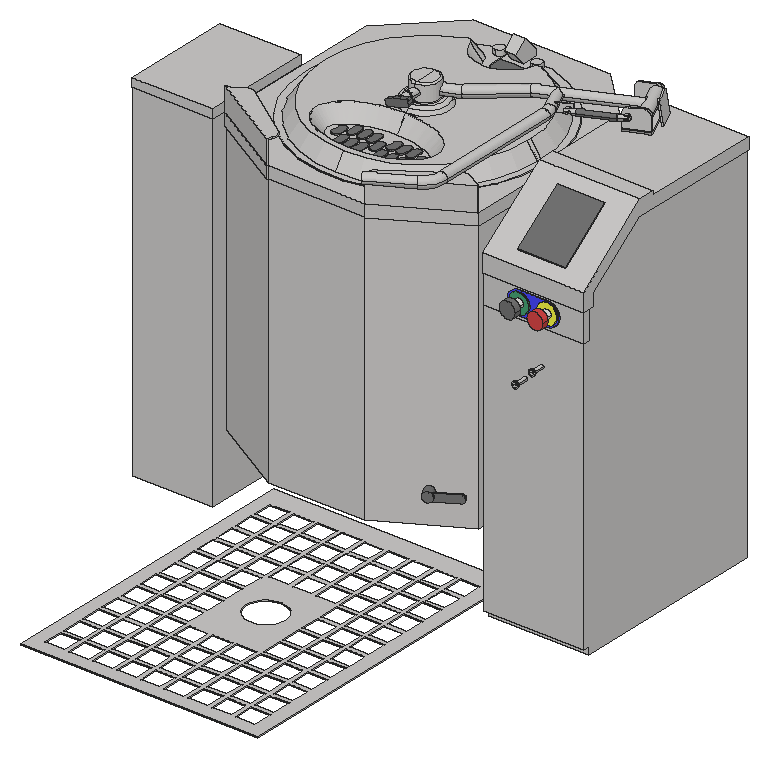
Revit family "QF_DIETATEC_CELER_80_180516035346", category Specialty Equipment, Revit 2015
Parameters
  Width [instance] = 1154 mm
  Weight in Pounds [instance] = 352.736
  Volts [instance] = 400 V
  URL Cutsheet [instance] = ""
  URL = "www.dietatec.com"
  Status [instance] = ""
  Specification by User [instance] = ""
  Specification by Manufacturer [instance] = ""
  Serial Number [instance] = "CELER_80"
  Seismic Rating [instance] = ""
  SMACNA No [instance] = ""
  Revision Code [instance] = ""
  Phase [instance] = 0
  Number of Poles [instance] = 3
  NAFEM Spec ID Number [instance] = ""
  Model = "57632"
  Min Ckt Ampacity [instance] = 0 A
  Max Overcurrent Protection [instance] = 0 A
  Masterspec [instance] = ""
  Manufacturer = "DIETATEC"
  ListPrice [instance] = 0
  Item Number [instance] = ""
  Installed By [instance] = ""
  Identify Quantity as Lot [instance] = yes
  Height [instance] = 1000 mm
  HP [instance] = ""
  Furnished By [instance] = ""
  Foodservice Equipment Identifier [instance] = yes
  FL Amps [instance] = 32 A
  Elec Conn RI Height [instance] = 0 mm
  Elec Conn Connection Height [instance] = 120 mm
  Description = "DIETA CELER 80 KETTLE, ELECTRIC MODEL"
  Depth [instance] = 770 mm
  Cycle [instance] = 50 Hz
  Conn Plug [instance] = ""
  Conn Conduit [instance] = yes
  CSI MasterFormat [instance] = ""
  Assembly Code = "E1090320"
  Apparent Power [instance] = 14500 VA
Reference planes
  plane 1 "Center (Front/Back)": y = 0
  plane 2: z = 0
  plane 3 "Center (Left/Right)": x = 0
Forms (mm)
  Extrusion 1, solid, not visible
    sketch origin (803.5, -97.5, 120) x (1, 0, 0) y (0, 1, 0)
      loop
        line (0, 0) -> (2, 0) -> (2, 2) -> (0, 2) -> (0, 0)
    from 0 to 2
Dimensions and locks
  aligned and locked: level to plane 2
Nested families
  nested 1: "QF_Dietatec_CELER_80_FL" at (0, 0, 0), type "57632_400_3"
    with Width 1154 mm, Status "", Specification by User "", Show Logo yes, Show Clearance yes, Revision Code "", Plumbing Remarks "", Plumbing Connection Type "", Number of Poles 3, ListPrice 0, Item Number "", Installed By "", Identify Quantity as Lot no, Height 1000 mm, Furnished By "", Foodservice Equipment Identifier yes, Electrical Remarks "", Electric Connection Type "", Elec Conn RI Height 0 mm, Elec Conn Connection Height 120 mm, Depth 770 mm, Conn Conduit no, Cold Water RI Height 120 mm, Cold Water Flow 0.0 L/s, Cold Water Consumption "", Cold Water Connection Height 120 mm
  nested 2: "QF_Dietatec_KETTLE_LEFT_LEG" at (0, 0, 0), type "KETTLE_LEFT_LEG"
    with Width 275 mm, Status "", Specification by User "", Show Logo yes, Show Clearance yes, Revision Code "", ListPrice 0, Item Number "", Installed By "", Identify Quantity as Lot no, Height 900 mm, Furnished By "", Foodservice Equipment Identifier yes, Depth 200 mm
Connectors
  electrical at (804.5, -95.5, 121), driven by "Volts"
    settings: on Extrusion 1, index 1, voltage 400 V, apparent load 14500 VA, apparent load phase1 0 VA, apparent load phase2 0 VA, apparent load phase3 0 VA, power factor 1, load classification "Other", number of poles 1, system type 30, power factor state 1, is connector primary yes, connector utility no, sub classification motor no, connector description "Electrical connection"
Definition of nested family "QF_Dietatec_CELER_80_FL"
  Parameters (values of type "57632_400_3")
    Width [instance] = 0 mm
    Weight in Pounds = 352.7392
    Watts = 750 W
    Volts = 230 V
    URL Cutsheet = "www.dietatec.com"
    URL = "www.dietatec.com"
    Status [instance] = ""
    Specification by User [instance] = ""
    Specification by Manufacturer = ""
    Show Logo [instance] = yes
    Show Clearance [instance] = yes
    Serial Number = ""
    Seismic Rating = ""
    SMACNA No = ""
    Revision Code [instance] = ""
    Plumbing Remarks [instance] = ""
    Plumbing Connection Type [instance] = ""
    Phase = 1
    Number of Poles [instance] = 1
    NAFEM Spec ID Number = ""
    Model = "57632+43730"
    Min Ckt Ampacity = 0 A
    Max Overcurrent Protection = 0 A
    Masterspec = ""
    Manufacturer = "DIETATEC"
    ListPrice [instance] = 0
    Item Number [instance] = ""
    Installed By [instance] = ""
    Identify Quantity as Lot [instance] = no
    Height [instance] = 0 mm
    HP = "1.005765000000"
    Furnished By [instance] = ""
    Foodservice Equipment Identifier [instance] = yes
    FL Amps = 16 A
    Electrical Remarks [instance] = ""
    Electric Connection Type [instance] = ""
    Elec Conn RI Height [instance] = 0 mm
    Elec Conn Connection Height [instance] = 120 mm
    Description = "DIETA CELER 80 KETTLE, STEAM MODEL"
    Depth [instance] = 0 mm
    Cycle = 50 Hz
    Conn Plug = ""
    Conn Conduit [instance] = no
    Cold Water Temperature Recommended = 0 °C
    Cold Water Size = 12.7 mm
    Cold Water RI Height [instance] = 120 mm
    Cold Water Minimum Pressure = 20000.0 Pa
    Cold Water Maximum Pressure = 50000.0 Pa
    Cold Water Flow [instance] = 0.0 L/s
    Cold Water Consumption [instance] = ""
    Cold Water Connection Height [instance] = 120 mm
    CSI MasterFormat = ""
    Assembly Code = "E1090320"
    Apparent Power = 750 VA
  Reference planes
    plane 1 "Back": y = 0
    plane 2: z = 0
    plane 3 "Left": x = 0
    plane 4 "Right": x = 950.5
    plane 5 "Front": y = -769.992
    plane 6 "Top": z = 1000
  Forms (mm)
    Extrusion 1, solid
      sketch origin (1853.203, 903.185, 150) x (1, 0, 0) y (0, 1, 0)
        loop
          line (-1804.703, -1372.685) -> (-1804.703, -2172.685) -> (-1204.703, -2172.685) -> (-1204.703, -1372.685) -> (-1804.703, -1372.685)
        loop
          line (-1769.703, -1427.685) -> (-1769.703, -1477.685) -> (-1719.703, -1477.685) -> (-1719.703, -1427.685) -> (-1769.703, -1427.685)
        loop
          line (-1709.703, -1427.685) -> (-1709.703, -1477.685) -> (-1659.703, -1477.685) -> (-1659.703, -1427.685) -> (-1709.703, -1427.685)
        loop
          line (-1649.703, -1427.685) -> (-1649.703, -1477.685) -> (-1599.703, -1477.685) -> (-1599.703, -1427.685) -> (-1649.703, -1427.685)
        loop
          line (-1589.703, -1427.685) -> (-1589.703, -1477.685) -> (-1539.703, -1477.685) -> (-1539.703, -1427.685) -> (-1589.703, -1427.685)
        loop
          line (-1529.703, -1427.685) -> (-1529.703, -1477.685) -> (-1479.703, -1477.685) -> (-1479.703, -1427.685) -> (-1529.703, -1427.685)
        loop
          line (-1469.703, -1427.685) -> (-1469.703, -1477.685) -> (-1419.703, -1477.685) -> (-1419.703, -1427.685) -> (-1469.703, -1427.685)
        loop
          line (-1409.703, -1427.685) -> (-1409.703, -1477.685) -> (-1359.703, -1477.685) -> (-1359.703, -1427.685) -> (-1409.703, -1427.685)
        loop
          line (-1349.703, -1427.685) -> (-1349.703, -1477.685) -> (-1299.703, -1477.685) -> (-1299.703, -1427.685) -> (-1349.703, -1427.685)
        loop
          line (-1289.703, -1427.685) -> (-1289.703, -1477.685) -> (-1239.703, -1477.685) -> (-1239.703, -1427.685) -> (-1289.703, -1427.685)
        loop
          line (-1769.703, -1487.685) -> (-1769.703, -1537.685) -> (-1719.703, -1537.685) -> (-1719.703, -1487.685) -> (-1769.703, -1487.685)
        loop
          line (-1709.703, -1487.685) -> (-1709.703, -1537.685) -> (-1659.703, -1537.685) -> (-1659.703, -1487.685) -> (-1709.703, -1487.685)
        loop
          line (-1649.703, -1487.685) -> (-1649.703, -1537.685) -> (-1599.703, -1537.685) -> (-1599.703, -1487.685) -> (-1649.703, -1487.685)
        loop
          line (-1589.703, -1487.685) -> (-1589.703, -1537.685) -> (-1539.703, -1537.685) -> (-1539.703, -1487.685) -> (-1589.703, -1487.685)
        loop
          line (-1529.703, -1487.685) -> (-1529.703, -1537.685) -> (-1479.703, -1537.685) -> (-1479.703, -1487.685) -> (-1529.703, -1487.685)
        loop
          line (-1469.703, -1487.685) -> (-1469.703, -1537.685) -> (-1419.703, -1537.685) -> (-1419.703, -1487.685) -> (-1469.703, -1487.685)
        loop
          line (-1409.703, -1487.685) -> (-1409.703, -1537.685) -> (-1359.703, -1537.685) -> (-1359.703, -1487.685) -> (-1409.703, -1487.685)
        loop
          line (-1349.703, -1487.685) -> (-1349.703, -1537.685) -> (-1299.703, -1537.685) -> (-1299.703, -1487.685) -> (-1349.703, -1487.685)
        loop
          line (-1289.703, -1487.685) -> (-1289.703, -1537.685) -> (-1239.703, -1537.685) -> (-1239.703, -1487.685) -> (-1289.703, -1487.685)
        loop
          line (-1769.703, -1547.685) -> (-1769.703, -1597.685) -> (-1719.703, -1597.685) -> (-1719.703, -1547.685) -> (-1769.703, -1547.685)
        loop
          line (-1709.703, -1547.685) -> (-1709.703, -1597.685) -> (-1659.703, -1597.685) -> (-1659.703, -1547.685) -> (-1709.703, -1547.685)
        loop
          line (-1649.703, -1547.685) -> (-1649.703, -1597.685) -> (-1599.703, -1597.685) -> (-1599.703, -1547.685) -> (-1649.703, -1547.685)
        loop
          line (-1589.703, -1547.685) -> (-1589.703, -1597.685) -> (-1539.703, -1597.685) -> (-1539.703, -1547.685) -> (-1589.703, -1547.685)
        loop
          line (-1529.703, -1547.685) -> (-1529.703, -1597.685) -> (-1479.703, -1597.685) -> (-1479.703, -1547.685) -> (-1529.703, -1547.685)
        loop
          line (-1469.703, -1547.685) -> (-1469.703, -1597.685) -> (-1419.703, -1597.685) -> (-1419.703, -1547.685) -> (-1469.703, -1547.685)
        loop
          line (-1409.703, -1547.685) -> (-1409.703, -1597.685) -> (-1359.703, -1597.685) -> (-1359.703, -1547.685) -> (-1409.703, -1547.685)
        loop
          line (-1349.703, -1547.685) -> (-1349.703, -1597.685) -> (-1299.703, -1597.685) -> (-1299.703, -1547.685) -> (-1349.703, -1547.685)
        loop
          line (-1289.703, -1547.685) -> (-1289.703, -1597.685) -> (-1239.703, -1597.685) -> (-1239.703, -1547.685) -> (-1289.703, -1547.685)
        loop
          line (-1769.703, -1607.685) -> (-1769.703, -1657.685) -> (-1719.703, -1657.685) -> (-1719.703, -1607.685) -> (-1769.703, -1607.685)
        loop
          line (-1709.703, -1607.685) -> (-1709.703, -1657.685) -> (-1659.703, -1657.685) -> (-1659.703, -1607.685) -> (-1709.703, -1607.685)
        loop
          line (-1649.703, -1607.685) -> (-1649.703, -1657.685) -> (-1599.703, -1657.685) -> (-1599.703, -1607.685) -> (-1649.703, -1607.685)
        loop
          line (-1589.703, -1607.685) -> (-1589.703, -1657.685) -> (-1539.703, -1657.685) -> (-1539.703, -1607.685) -> (-1589.703, -1607.685)
        loop
          line (-1529.703, -1607.685) -> (-1529.703, -1657.685) -> (-1479.703, -1657.685) -> (-1479.703, -1607.685) -> (-1529.703, -1607.685)
        loop
          line (-1469.703, -1607.685) -> (-1469.703, -1657.685) -> (-1419.703, -1657.685) -> (-1419.703, -1607.685) -> (-1469.703, -1607.685)
        loop
          line (-1409.703, -1607.685) -> (-1409.703, -1657.685) -> (-1359.703, -1657.685) -> (-1359.703, -1607.685) -> (-1409.703, -1607.685)
        loop
          line (-1349.703, -1607.685) -> (-1349.703, -1657.685) -> (-1299.703, -1657.685) -> (-1299.703, -1607.685) -> (-1349.703, -1607.685)
        loop
          line (-1289.703, -1607.685) -> (-1289.703, -1657.685) -> (-1239.703, -1657.685) -> (-1239.703, -1607.685) -> (-1289.703, -1607.685)
        loop
          line (-1769.703, -1667.685) -> (-1769.703, -1717.685) -> (-1719.703, -1717.685) -> (-1719.703, -1667.685) -> (-1769.703, -1667.685)
        loop
          line (-1709.703, -1667.685) -> (-1709.703, -1717.685) -> (-1659.703, -1717.685) -> (-1659.703, -1667.685) -> (-1709.703, -1667.685)
        loop
          line (-1649.703, -1667.685) -> (-1649.703, -1717.685) -> (-1599.703, -1717.685) -> (-1599.703, -1667.685) -> (-1649.703, -1667.685)
        loop
          line (-1409.703, -1667.685) -> (-1409.703, -1717.685) -> (-1359.703, -1717.685) -> (-1359.703, -1667.685) -> (-1409.703, -1667.685)
        loop
          line (-1349.703, -1667.685) -> (-1349.703, -1717.685) -> (-1299.703, -1717.685) -> (-1299.703, -1667.685) -> (-1349.703, -1667.685)
        loop
          line (-1289.703, -1667.685) -> (-1289.703, -1717.685) -> (-1239.703, -1717.685) -> (-1239.703, -1667.685) -> (-1289.703, -1667.685)
        loop
          line (-1769.703, -1727.685) -> (-1769.703, -1777.685) -> (-1719.703, -1777.685) -> (-1719.703, -1727.685) -> (-1769.703, -1727.685)
        loop
          line (-1709.703, -1727.685) -> (-1709.703, -1777.685) -> (-1659.703, -1777.685) -> (-1659.703, -1727.685) -> (-1709.703, -1727.685)
        loop
          line (-1649.703, -1727.685) -> (-1649.703, -1777.685) -> (-1599.703, -1777.685) -> (-1599.703, -1727.685) -> (-1649.703, -1727.685)
        loop
          line (-1409.703, -1727.685) -> (-1409.703, -1777.685) -> (-1359.703, -1777.685) -> (-1359.703, -1727.685) -> (-1409.703, -1727.685)
        loop
          line (-1349.703, -1727.685) -> (-1349.703, -1777.685) -> (-1299.703, -1777.685) -> (-1299.703, -1727.685) -> (-1349.703, -1727.685)
        loop
          line (-1289.703, -1727.685) -> (-1289.703, -1777.685) -> (-1239.703, -1777.685) -> (-1239.703, -1727.685) -> (-1289.703, -1727.685)
        loop
          line (-1769.703, -1787.685) -> (-1769.703, -1837.685) -> (-1719.703, -1837.685) -> (-1719.703, -1787.685) -> (-1769.703, -1787.685)
        loop
          line (-1709.703, -1787.685) -> (-1709.703, -1837.685) -> (-1659.703, -1837.685) -> (-1659.703, -1787.685) -> (-1709.703, -1787.685)
        loop
          line (-1649.703, -1787.685) -> (-1649.703, -1837.685) -> (-1599.703, -1837.685) -> (-1599.703, -1787.685) -> (-1649.703, -1787.685)
        loop
          line (-1409.703, -1787.685) -> (-1409.703, -1837.685) -> (-1359.703, -1837.685) -> (-1359.703, -1787.685) -> (-1409.703, -1787.685)
        loop
          line (-1349.703, -1787.685) -> (-1349.703, -1837.685) -> (-1299.703, -1837.685) -> (-1299.703, -1787.685) -> (-1349.703, -1787.685)
        loop
          line (-1289.703, -1787.685) -> (-1289.703, -1837.685) -> (-1239.703, -1837.685) -> (-1239.703, -1787.685) -> (-1289.703, -1787.685)
        loop
          line (-1769.703, -1847.685) -> (-1769.703, -1897.685) -> (-1719.703, -1897.685) -> (-1719.703, -1847.685) -> (-1769.703, -1847.685)
        loop
          line (-1709.703, -1847.685) -> (-1709.703, -1897.685) -> (-1659.703, -1897.685) -> (-1659.703, -1847.685) -> (-1709.703, -1847.685)
        loop
          line (-1649.703, -1847.685) -> (-1649.703, -1897.685) -> (-1599.703, -1897.685) -> (-1599.703, -1847.685) -> (-1649.703, -1847.685)
        loop
          line (-1409.703, -1847.685) -> (-1409.703, -1897.685) -> (-1359.703, -1897.685) -> (-1359.703, -1847.685) -> (-1409.703, -1847.685)
        loop
          line (-1349.703, -1847.685) -> (-1349.703, -1897.685) -> (-1299.703, -1897.685) -> (-1299.703, -1847.685) -> (-1349.703, -1847.685)
        loop
          line (-1289.703, -1847.685) -> (-1289.703, -1897.685) -> (-1239.703, -1897.685) -> (-1239.703, -1847.685) -> (-1289.703, -1847.685)
        loop
          line (-1769.703, -1907.685) -> (-1769.703, -1957.685) -> (-1719.703, -1957.685) -> (-1719.703, -1907.685) -> (-1769.703, -1907.685)
        loop
          line (-1709.703, -1907.685) -> (-1709.703, -1957.685) -> (-1659.703, -1957.685) -> (-1659.703, -1907.685) -> (-1709.703, -1907.685)
        loop
          line (-1649.703, -1907.685) -> (-1649.703, -1957.685) -> (-1599.703, -1957.685) -> (-1599.703, -1907.685) -> (-1649.703, -1907.685)
        loop
          line (-1589.703, -1907.685) -> (-1589.703, -1957.685) -> (-1539.703, -1957.685) -> (-1539.703, -1907.685) -> (-1589.703, -1907.685)
        loop
          line (-1529.703, -1907.685) -> (-1529.703, -1957.685) -> (-1479.703, -1957.685) -> (-1479.703, -1907.685) -> (-1529.703, -1907.685)
        loop
          line (-1469.703, -1907.685) -> (-1469.703, -1957.685) -> (-1419.703, -1957.685) -> (-1419.703, -1907.685) -> (-1469.703, -1907.685)
        loop
          line (-1409.703, -1907.685) -> (-1409.703, -1957.685) -> (-1359.703, -1957.685) -> (-1359.703, -1907.685) -> (-1409.703, -1907.685)
        loop
          line (-1349.703, -1907.685) -> (-1349.703, -1957.685) -> (-1299.703, -1957.685) -> (-1299.703, -1907.685) -> (-1349.703, -1907.685)
        loop
          line (-1289.703, -1907.685) -> (-1289.703, -1957.685) -> (-1239.703, -1957.685) -> (-1239.703, -1907.685) -> (-1289.703, -1907.685)
        loop
          line (-1769.703, -1967.685) -> (-1769.703, -2017.685) -> (-1719.703, -2017.685) -> (-1719.703, -1967.685) -> (-1769.703, -1967.685)
        loop
          line (-1709.703, -1967.685) -> (-1709.703, -2017.685) -> (-1659.703, -2017.685) -> (-1659.703, -1967.685) -> (-1709.703, -1967.685)
        loop
          line (-1649.703, -1967.685) -> (-1649.703, -2017.685) -> (-1599.703, -2017.685) -> (-1599.703, -1967.685) -> (-1649.703, -1967.685)
        loop
          line (-1589.703, -1967.685) -> (-1589.703, -2017.685) -> (-1539.703, -2017.685) -> (-1539.703, -1967.685) -> (-1589.703, -1967.685)
        loop
          line (-1529.703, -1967.685) -> (-1529.703, -2017.685) -> (-1479.703, -2017.685) -> (-1479.703, -1967.685) -> (-1529.703, -1967.685)
        loop
          line (-1469.703, -1967.685) -> (-1469.703, -2017.685) -> (-1419.703, -2017.685) -> (-1419.703, -1967.685) -> (-1469.703, -1967.685)
        loop
          line (-1409.703, -1967.685) -> (-1409.703, -2017.685) -> (-1359.703, -2017.685) -> (-1359.703, -1967.685) -> (-1409.703, -1967.685)
        loop
          line (-1349.703, -1967.685) -> (-1349.703, -2017.685) -> (-1299.703, -2017.685) -> (-1299.703, -1967.685) -> (-1349.703, -1967.685)
        loop
          line (-1289.703, -1967.685) -> (-1289.703, -2017.685) -> (-1239.703, -2017.685) -> (-1239.703, -1967.685) -> (-1289.703, -1967.685)
        loop
          line (-1769.703, -2027.685) -> (-1769.703, -2077.685) -> (-1719.703, -2077.685) -> (-1719.703, -2027.685) -> (-1769.703, -2027.685)
        loop
          line (-1709.703, -2027.685) -> (-1709.703, -2077.685) -> (-1659.703, -2077.685) -> (-1659.703, -2027.685) -> (-1709.703, -2027.685)
        loop
          line (-1649.703, -2027.685) -> (-1649.703, -2077.685) -> (-1599.703, -2077.685) -> (-1599.703, -2027.685) -> (-1649.703, -2027.685)
        loop
          line (-1589.703, -2027.685) -> (-1589.703, -2077.685) -> (-1539.703, -2077.685) -> (-1539.703, -2027.685) -> (-1589.703, -2027.685)
        loop
          line (-1529.703, -2027.685) -> (-1529.703, -2077.685) -> (-1479.703, -2077.685) -> (-1479.703, -2027.685) -> (-1529.703, -2027.685)
        loop
          line (-1469.703, -2027.685) -> (-1469.703, -2077.685) -> (-1419.703, -2077.685) -> (-1419.703, -2027.685) -> (-1469.703, -2027.685)
        loop
          line (-1409.703, -2027.685) -> (-1409.703, -2077.685) -> (-1359.703, -2077.685) -> (-1359.703, -2027.685) -> (-1409.703, -2027.685)
        loop
          line (-1349.703, -2027.685) -> (-1349.703, -2077.685) -> (-1299.703, -2077.685) -> (-1299.703, -2027.685) -> (-1349.703, -2027.685)
        loop
          line (-1289.703, -2027.685) -> (-1289.703, -2077.685) -> (-1239.703, -2077.685) -> (-1239.703, -2027.685) -> (-1289.703, -2027.685)
        loop
          line (-1769.703, -2087.685) -> (-1769.703, -2137.685) -> (-1719.703, -2137.685) -> (-1719.703, -2087.685) -> (-1769.703, -2087.685)
        loop
          line (-1709.703, -2087.685) -> (-1709.703, -2137.685) -> (-1659.703, -2137.685) -> (-1659.703, -2087.685) -> (-1709.703, -2087.685)
        loop
          line (-1649.703, -2087.685) -> (-1649.703, -2137.685) -> (-1599.703, -2137.685) -> (-1599.703, -2087.685) -> (-1649.703, -2087.685)
        loop
          line (-1589.703, -2087.685) -> (-1589.703, -2137.685) -> (-1539.703, -2137.685) -> (-1539.703, -2087.685) -> (-1589.703, -2087.685)
        loop
          line (-1529.703, -2087.685) -> (-1529.703, -2137.685) -> (-1479.703, -2137.685) -> (-1479.703, -2087.685) -> (-1529.703, -2087.685)
        loop
          line (-1469.703, -2087.685) -> (-1469.703, -2137.685) -> (-1419.703, -2137.685) -> (-1419.703, -2087.685) -> (-1469.703, -2087.685)
        loop
          line (-1409.703, -2087.685) -> (-1409.703, -2137.685) -> (-1359.703, -2137.685) -> (-1359.703, -2087.685) -> (-1409.703, -2087.685)
        loop
          line (-1349.703, -2087.685) -> (-1349.703, -2137.685) -> (-1299.703, -2137.685) -> (-1299.703, -2087.685) -> (-1349.703, -2087.685)
        loop
          line (-1289.703, -2087.685) -> (-1289.703, -2137.685) -> (-1239.703, -2137.685) -> (-1239.703, -2087.685) -> (-1289.703, -2087.685)
        loop
          circle (-1504.703, -1772.685) r 50
      from -150 to -148
    Extrusion 2, solid
      sketch origin (-203, -1000, 0) x (0, 1, 0) y (0, 0, 1)
        loop
          line (899, 0) -> (899, 921.5) -> (555.633, 921.5) -> (410.5, 812.65) -> (410.5, 782.65) -> (397.5, 782.65) -> (397.5, 710.15) -> (382, 710.15) -> (382, 19) -> (397.5, 19) -> (397.5, 0) -> (899, 0)
      from 901 to 1152
    Extrusion 3, solid
      sketch origin (-203, 0, 0) x (0, 1, 0) y (0, 0, 1)
        loop
          line (-602.5, 782.65) -> (-618, 782.65) -> (-618, 710.15) -> (-602.5, 710.15) -> (-602.5, 782.65)
      from 901 to 1152
    Extrusion 4, solid
      sketch origin (48.5, -732.029, 6.15) x (1, 0, 0) y (0, 0, 1)
        loop
          circle (740, 741) r 10
      from -112.029 to -90
    Extrusion 5, solid
      sketch origin (48.5, -792.029, 6.15) x (1, 0, 0) y (0, 0, 1)
        loop
          circle (740, 741) r 20
      from -150 to -135
    Extrusion 6, solid
      sketch origin (48.5, -768, 6.15) x (1, 0, 0) y (0, 0, 1)
        loop
          circle (740, 741) r 25
      from -150 to -148
    Extrusion 7, solid
      sketch origin (118.5, -732.029, 6.15) x (1, 0, 0) y (0, 0, 1)
        loop
          circle (740, 741) r 10
      from -112.029 to -90
    Extrusion 8, solid
      sketch origin (118.5, -792.029, 6.15) x (1, 0, 0) y (0, 0, 1)
        loop
          circle (740, 741) r 20
      from -150 to -135
    Extrusion 9, solid
      sketch origin (118.5, -768, 6.15) x (1, 0, 0) y (0, 0, 1)
        loop
          circle (740, 741) r 25
      from -150 to -148
    Extrusion 10, solid
      sketch origin (130.5, -767, -53.35) x (1, 0, 0) y (0, 0, 1)
        loop
          arc (658, 830.5) -> (628, 800.5) -> (658, 770.5) r 30
          line (658, 770.5) -> (728, 770.5)
          arc (728, 770.5) -> (758, 800.5) -> (728, 830.5) r 30
          line (728, 830.5) -> (658, 830.5)
      from -150 to -148
    Extrusion 11, solid
      sketch origin (-203, 0, 0) x (0, 1, 0) y (0, 0, 1)
        loop
          line (-468.4, 941.6) -> (-593.2, 848) -> (-592, 846.4) -> (-467.2, 940) -> (-468.4, 941.6)
      from 966.5 to 1086.5
    Revolve 12, solid
      sketch origin (-203, 0, 580) x (1, 0, 0) y (0, 1, 0)
        loop
          line (1009.5, -618.013) -> (1005.5, -618.013) -> (1005.5, -651) -> (1012.485, -651)
          arc (1012.485, -651) -> (1012.849, -650.849) -> (1013, -650.485) r 0.515
          line (1013, -650.485) -> (1013, -648.5) -> (1009.5, -648.5) -> (1009.5, -618.013)
        axis (1005.5, -651) -> (1005.5, -618.013)
      angle from 0 to 360
    Revolve 13, solid
      sketch origin (-161, 0, 622) x (1, 0, 0) y (0, 1, 0)
        loop
          line (1009.5, -618.003) -> (1005.5, -618.003) -> (1005.5, -651) -> (1012.485, -651)
          arc (1012.485, -651) -> (1012.849, -650.849) -> (1013, -650.485) r 0.515
          line (1013, -650.485) -> (1013, -648.5) -> (1009.5, -648.5) -> (1009.5, -618.003)
        axis (1005.5, -651) -> (1005.5, -618.003)
      angle from 0 to 360
    Revolve 14, solid
      sketch origin (-203, -476, 0) x (1, 0, 0) y (0, 0, 1)
        loop
          line (204.5, 825) -> (201.5, 825) -> (201.5, 775) -> (233, 775) -> (233, 837.5) -> (232.15, 837.5) -> (232.15, 824.35)
          arc (232.15, 824.35) -> (230.796, 821.35) -> (227.65, 820.381) r 4
          line (227.65, 820.381) -> (227.65, 819.45) -> (213, 819.45) -> (213, 818.5) -> (204.5, 818.5) -> (204.5, 825)
        axis (233, 775) -> (201.5, 775)
      angle from 0 to 360
    Revolve 15, solid
      sketch origin (900, -476, 0) x (-1, 0, 0) y (0, 0, -1)
        loop
          line (204.5, -825) -> (204.5, -818.5) -> (213, -818.5) -> (213, -819.45) -> (227.65, -819.45) -> (227.65, -820.381)
          arc (227.65, -820.381) -> (230.796, -821.35) -> (232.15, -824.35) r 4
          line (232.15, -824.35) -> (232.15, -837.5) -> (233, -837.5) -> (233, -775) -> (201.5, -775) -> (201.5, -825) -> (204.5, -825)
        axis (233, -775) -> (201.5, -775)
      angle from 0 to 360
    Extrusion 16, solid
      sketch origin (-203, 0, 0) x (1, 0, 0) y (0, 1, 0)
        loop
          line (722.48, -3.3) -> (380.52, -3.3) -> (233.3, -150.52) -> (233.3, -596.343) -> (430.16, -710) -> (672.84, -710) -> (869.7, -596.343) -> (869.7, -150.52) -> (722.48, -3.3)
      from 183.772 to 870
    Extrusion 17, solid
      sketch origin (-203, 0, 27) x (1, 0, 0) y (0, 1, 0)
        loop
          line (430.16, -710) -> (672.84, -710) -> (674, -709.33) -> (675.65, -712.188) -> (873, -598.248) -> (873, -149.153) -> (723.847, 0) -> (379.153, 0) -> (230, -149.153) -> (230, -598.248) -> (427.35, -712.188) -> (429, -709.33) -> (430.16, -710)
      from 843 to 873
    Extrusion 18, solid
      sketch origin (-203, 0, 1020) x (1, 0, 0) y (0, 1, 0)
        loop
          line (674, -709.33) -> (675.65, -712.188) -> (870.593, -599.638) -> (868.943, -596.78) -> (674, -709.33)
        loop
          line (429, -709.33) -> (234.057, -596.78) -> (232.407, -599.638) -> (427.35, -712.188) -> (429, -709.33)
      from -120 to -59.435
    Extrusion 19, solid
      sketch origin (-203, 0, 1040) x (1, 0, 0) y (0, 1, 0)
        loop
          line (241.167, -594.601) -> (234.057, -596.78) -> (232.407, -599.638) -> (427.35, -712.188) -> (433.173, -702.102)
          arc (433.173, -702.102) -> (435.379, -687.773) -> (427.324, -675.719) r 20
          line (427.324, -675.719) -> (290.139, -579.661)
          arc (290.139, -579.661) -> (279.54, -576.063) -> (268.668, -578.723) r 20
          line (268.668, -578.723) -> (241.167, -594.601)
        loop
          line (861.833, -594.601) -> (834.332, -578.723)
          arc (834.332, -578.723) -> (823.46, -576.063) -> (812.861, -579.661) r 20
          line (812.861, -579.661) -> (675.676, -675.719)
          arc (675.676, -675.719) -> (667.621, -687.773) -> (669.827, -702.102) r 20
          line (669.827, -702.102) -> (675.65, -712.188) -> (870.593, -599.638) -> (868.943, -596.78) -> (861.833, -594.601)
      from -81.15 to -78.15
    Revolve 20, solid
      sketch origin (348.5, 0, 0) x (0, 1, 0) y (0, 0, 1)
        loop
          line (-366, 995.5) -> (-366, 937.455) -> (-307.025, 937.455) -> (-312.103, 946.25)
          arc (-312.103, 946.25) -> (-315.946, 950.093) -> (-321.196, 951.5) r 10.5
          line (-321.196, 951.5) -> (-331, 951.5) -> (-331, 953.5) -> (-332.5, 953.5) -> (-332.5, 992) -> (-336, 995.5) -> (-366, 995.5)
        axis (-366, 937.455) -> (-366, 995.5)
      angle from 0 to 360
    Extrusion 21, solid
      sketch origin (-203, 0, 879.5) x (1, 0, 0) y (0, 1, 0)
        loop
          arc (471.1, -61.974) -> (312.628, -169.506) -> (251.5, -351) r 300
          line (251.5, -351) -> (251.5, -366)
          arc (251.5, -366) -> (551.5, -666) -> (851.5, -366) r 300
          line (851.5, -366) -> (851.5, -351)
          arc (851.5, -351) -> (790.372, -169.506) -> (631.9, -61.974) r 300
          arc (631.9, -61.974) -> (625.262, -60.605) -> (618.5, -60.145) r 50
          line (618.5, -60.145) -> (599, -60.145)
          arc (599, -60.145) -> (590.161, -63.806) -> (586.5, -72.645) r 12.5
          arc (586.5, -72.645) -> (585.938, -92.703) -> (584.308, -112.702) r 376.25
          arc (584.308, -112.702) -> (551.5, -142.145) -> (518.692, -112.702) r 33
          arc (518.692, -112.702) -> (517.061, -92.687) -> (516.5, -72.613) r 376.25
          arc (516.5, -72.613) -> (512.828, -63.795) -> (504, -60.145) r 12.5
          line (504, -60.145) -> (484.5, -60.145)
          arc (484.5, -60.145) -> (477.738, -60.605) -> (471.1, -61.974) r 50
      from 20 to 22
    Blend 22, solid
      base sketch origin (-203, 0, 0) x (1, 0, 0) y (0, 1, 0)
        loop
          arc (445.186, -92.991) -> (316.303, -197.386) -> (267.817, -356) r 283.683
          line (267.817, -356) -> (267.817, -366)
          arc (267.817, -366) -> (350.906, -566.594) -> (551.5, -649.683) r 283.683
          line (551.5, -649.683) -> (551.5, -579.403)
          spline (551.5, -579.403) -> (518.804, -577.311) -> (488.336, -571.177) -> (462.172, -561.419) -> (442.096, -548.702) -> (429.476, -533.892) -> (425.171, -518) -> (429.476, -502.108) -> (442.096, -487.298) -> (462.172, -474.581) -> (488.336, -464.823) -> (518.804, -458.689) -> (551.5, -456.597)
          line (551.5, -456.597) -> (551.5, -157.317)
          arc (551.5, -157.317) -> (519.464, -146.743) -> (500.017, -119.177) r 53.817
          arc (500.017, -119.177) -> (478.368, -94.01) -> (445.186, -92.991) r 41.183
      top sketch origin (-203, 0, 0) x (1, 0, 0) y (0, 1, 0)
        loop
          arc (455.212, -117.796) -> (338.484, -212.345) -> (294.571, -356) r 256.929
          line (294.571, -356) -> (294.571, -366)
          arc (294.571, -366) -> (369.824, -547.676) -> (551.5, -622.929) r 256.929
          line (551.5, -622.929) -> (551.5, -608)
          spline (551.5, -608) -> (511.332, -604.933) -> (473.902, -595.942) -> (441.759, -581.64) -> (417.096, -563) -> (401.592, -541.294) -> (396.303, -518) -> (401.592, -494.706) -> (417.096, -473) -> (441.759, -454.36) -> (473.902, -440.058) -> (511.332, -431.067) -> (551.5, -428)
          line (551.5, -428) -> (551.5, -184.071)
          arc (551.5, -184.071) -> (503.538, -168.24) -> (474.423, -126.97) r 80.571
          arc (474.423, -126.97) -> (466.838, -118.153) -> (455.212, -117.796) r 14.429
      from 901.5 to 937.63
    Extrusion 23, solid
      sketch origin (-203, 0, 0) x (0, 1, 0) y (0, 0, 1)
        loop
          line (-37.248, 900) -> (-37.248, 917.876) -> (-67.284, 953.672) -> (-97.926, 927.96) -> (-74.464, 900) -> (-37.248, 900)
      from 536.5 to 566.5
    Extrusion 24, solid
      sketch origin (-203, -420, 0) x (1, 0, 0) y (0, 0, 1)
        loop
          arc (524.133, 972.678) -> (522.051, 970.677) -> (521.857, 967.795) r 4.004
          line (521.857, 967.795) -> (523.853, 961.376)
          arc (523.853, 961.376) -> (525.646, 959.116) -> (528.494, 958.65) r 4
          line (528.494, 958.65) -> (545.58, 962.233) -> (562.767, 967.58) -> (578.87, 974.324)
          arc (578.87, 974.324) -> (580.95, 976.323) -> (581.145, 979.201) r 4
          line (581.145, 979.201) -> (579.147, 985.624)
          arc (579.147, 985.624) -> (577.354, 987.884) -> (574.506, 988.35) r 4
          line (574.506, 988.35) -> (557.42, 984.767) -> (540.233, 979.42) -> (524.133, 972.678)
      from 23.355 to 35.355
    Revolve 25, solid
      sketch origin (-203, 0, 973.5) x (1, 0, 0) y (0, 1, 0)
        loop
          line (541.5, -394.5) -> (541.5, -418.855) -> (542.908, -418.855) -> (542.908, -421.355) -> (547, -421.355) -> (547, -423.355) -> (542.5, -423.355) -> (542.5, -443.355) -> (551.5, -443.355) -> (551.5, -394.5) -> (541.5, -394.5)
        axis (551.5, -443.355) -> (551.5, -394.5)
      angle from 0 to 360
    Sweep 26, solid
      path origin (-203, 0, 991.467) x (1, 0, 0) y (0, 1, 0)
        loop
          line (713.848, -769.992) -> (810.092, -714.426)
          arc (810.092, -714.426) -> (832.969, -691.549) -> (841.342, -660.299) r 62.5
          line (841.342, -660.299) -> (841.342, -336.028)
          arc (841.342, -336.028) -> (839.861, -322.501) -> (835.486, -309.615) r 62.5
          line (835.486, -309.615) -> (806.642, -247.757)
      profile origin (638.342, -498.164, 991.467) x (-1, 0, 0) y (0, 0, 1)
        loop
          circle (12.5, 0) r 12.5
    Sweep 27, solid
      path origin (-142.68, -595.041, 0) x (0.906308, 0.422618, 0) y (0, 0, 1)
        loop
          line (564.254, 957.5) -> (619.254, 957.5) -> (759.731, 979) -> (989.731, 979)
      profile origin (393.631, -344.955, 957.5) x (0, 0, 1) y (0.422618, -0.906308, 0)
        loop
          circle (12.5, 0) r 12.5
    Extrusion 28, solid
      sketch origin (386.171, -935.322, -40.924) x (0.866025, 0.5, 0) y (0, 0, 1)
        loop
          circle (315, 303) r 12
      from -150 to -125
    Extrusion 29, solid
      sketch origin (395.171, -950.91, -40.924) x (0.866025, 0.5, 0) y (0, 0, 1)
        loop
          line (321.633, 293) -> (381, 293)
          arc (381, 293) -> (391, 303) -> (381, 313) r 10
          line (381, 313) -> (321.633, 313)
          arc (321.633, 313) -> (327, 303) -> (321.633, 293) r 12
      from -150 to -145
    Extrusion 30, solid
      sketch origin (-203, 0, 950) x (1, 0, 0) y (0, 1, 0)
        loop
          line (858.004, -281.002) -> (817.22, -300.02) -> (818.488, -302.739) -> (859.272, -283.721) -> (858.004, -281.002)
      from 30 to 53
    Revolve 31, solid
      sketch origin (-203, 0, 991.5) x (1, 0, 0) y (0, 1, 0)
        loop
          line (870.848, -285.378) -> (847.634, -296.204)
          arc (847.634, -296.204) -> (847.606, -298.584) -> (848.28, -300.868) r 8
          line (848.28, -300.868) -> (872.75, -289.457) -> (870.848, -285.378)
        loop
          line (944.709, -250.937) -> (946.611, -255.015) -> (971.081, -243.604)
          arc (971.081, -243.604) -> (969.765, -241.62) -> (967.924, -240.112) r 8
          line (967.924, -240.112) -> (944.709, -250.937)
        axis (848.28, -300.868) -> (971.081, -243.604)
      angle from 0 to 360
    Revolve 32, solid
      sketch origin (-203, 0, 991.5) x (1, 0, 0) y (0, 1, 0)
        loop
          line (872.524, -289.563) -> (946.841, -254.908) -> (943.671, -248.111) -> (869.354, -282.765) -> (872.524, -289.563)
        axis (872.524, -289.563) -> (946.841, -254.908)
      angle from 0 to 360
    Revolve 33, solid
      sketch origin (-203, 0, 991.83) x (1, 0, 0) y (0, 1, 0)
        loop
          line (856.34, -305.494) -> (858.742, -304.375) -> (845.326, -275.604) -> (843.514, -276.449) -> (843.03, -277.778) -> (848.207, -288.881) -> (846.394, -289.726) -> (847.602, -292.316)
          arc (847.602, -292.316) -> (848.524, -291.928) -> (849.43, -291.504) r 25
          line (849.43, -291.504) -> (851.438, -294.982) -> (856.34, -305.494)
        axis (845.326, -275.604) -> (858.742, -304.375)
      angle from 0 to 360
    Revolve 34, solid
      sketch origin (1082.87, 599.611, 991.83) x (-0.642788, -0.766044, 0) y (0.766044, -0.642788, 0)
        loop
          line (856.34, 305.494) -> (851.438, 294.982) -> (849.43, 291.504)
          arc (849.43, 291.504) -> (848.524, 291.928) -> (847.602, 292.316) r 25
          line (847.602, 292.316) -> (846.394, 289.726) -> (848.207, 288.881) -> (843.03, 277.778) -> (843.514, 276.449) -> (845.326, 275.604) -> (858.742, 304.375) -> (856.34, 305.494)
        axis (845.326, 275.604) -> (858.742, 304.375)
      angle from 0 to 360
    Extrusion 35, solid
      sketch origin (-723.621, -648.922, 0) x (0.906308, 0.422618, 0) y (0, 0, 1)
        loop
          arc (1518.24, 1010.5) -> (1507.633, 1006.107) -> (1503.24, 995.5) r 15
          line (1503.24, 995.5) -> (1503.24, 961.15) -> (1563.24, 961.15) -> (1563.24, 995.5)
          arc (1563.24, 995.5) -> (1558.846, 1006.107) -> (1548.24, 1010.5) r 15
          line (1548.24, 1010.5) -> (1518.24, 1010.5)
      from 141.433 to 145.433
    Extrusion 36, solid
      sketch origin (-678.612, -745.444, 0) x (0.906308, 0.422618, 0) y (0, 0, 1)
        loop
          arc (1518.24, 1010.5) -> (1507.633, 1006.107) -> (1503.24, 995.5) r 15
          line (1503.24, 995.5) -> (1503.24, 961.15) -> (1563.24, 961.15) -> (1563.24, 995.5)
          arc (1563.24, 995.5) -> (1558.846, 1006.107) -> (1548.24, 1010.5) r 15
          line (1548.24, 1010.5) -> (1518.24, 1010.5)
      from 141.433 to 145.433
    Extrusion 37, solid
      sketch origin (-133.615, -590.593, 0) x (0.906308, 0.422618, 0) y (0, 0, 1)
        loop
          circle (988.861, 991.5) r 15
      from -51.05 to 51.45
    Extrusion 38, solid
      sketch origin (-203, 0, 898.3) x (1, 0, 0) y (0, 1, 0)
        loop
          arc (586.069, -90.158) -> (551.5, -88) -> (516.931, -90.158) r 278
          arc (516.931, -90.158) -> (517.642, -101.443) -> (518.692, -112.702) r 376.25
          arc (518.692, -112.702) -> (551.5, -142.145) -> (584.308, -112.702) r 33
          arc (584.308, -112.702) -> (585.358, -101.443) -> (586.069, -90.158) r 376.25
      from 0 to 2
    Extrusion 39, solid
      sketch origin (251.619, 1234.156, 0) x (0.422618, -0.906308, 0) y (0, 0, 1)
        loop
          line (1435.928, 961.15) -> (1435.928, 959.475)
          arc (1435.928, 959.475) -> (1438.263, 953.836) -> (1443.902, 951.5) r 7.975
          line (1443.902, 951.5) -> (1538.453, 951.5)
          arc (1538.453, 951.5) -> (1544.092, 953.836) -> (1546.428, 959.475) r 7.975
          line (1546.428, 959.475) -> (1546.428, 961.15) -> (1542.428, 961.15) -> (1542.428, 959.475)
          arc (1542.428, 959.475) -> (1541.263, 956.664) -> (1538.453, 955.5) r 3.975
          line (1538.453, 955.5) -> (1443.902, 955.5)
          arc (1443.902, 955.5) -> (1441.092, 956.664) -> (1439.928, 959.475) r 3.975
          line (1439.928, 959.475) -> (1439.928, 961.15) -> (1435.928, 961.15)
      from 116.451 to 176.451
    Extrusion 40, solid
      sketch origin (506.129, 845.214, 13.851) x (0.421008, -0.907057, 0) y (-0.153433, -0.071216, 0.985589)
        loop
          line (1006.415, 961.15) -> (1056.415, 961.15) -> (1056.415, 1013.467)
          arc (1056.415, 1013.467) -> (1054.95, 1017.002) -> (1051.415, 1018.467) r 5
          arc (1051.415, 1018.467) -> (1031.415, 1014.603) -> (1011.415, 1018.467) r 53.69
          arc (1011.415, 1018.467) -> (1007.879, 1017.002) -> (1006.415, 1013.467) r 5
          line (1006.415, 1013.467) -> (1006.415, 961.15)
      from 0 to 4
    Extrusion 41, solid, visible <- "Show Clearance", detail levels coarse
      sketch origin (167, 114, 0) x (1, 0, 0) y (0, 1, 0)
        loop
          line (-370, -114) -> (783.5, -114) -> (783.5, 236.46) -> (-370, 236.46) -> (-370, -114)
      from 0 to 1013
    Extrusion 42, solid
      sketch origin (-56.5, -247.5, -68) x (1, 0, 0) y (0, 0, 1)
        loop
          circle (930, 278) r 15
      from -150 to -146.5
    Extrusion 43, solid
      sketch origin (-56.5, -247.5, -158) x (1, 0, 0) y (0, 0, 1)
        loop
          circle (930, 278) r 15
      from -150 to -146.5
    Extrusion 44, solid
      sketch origin (-126.5, -247.5, -158) x (1, 0, 0) y (0, 0, 1)
        loop
          circle (930, 278) r 15
      from -150 to -146.5
    Extrusion 45, solid
      sketch origin (-56.5, -247.5, -113) x (1, 0, 0) y (0, 0, 1)
        loop
          circle (930, 278) r 15
      from -150 to -146.5
    Extrusion 46, solid, visible <- "Show Clearance", detail levels coarse
      sketch origin (-1701.691, -1163.635, 0) x (0.906308, 0.422618, 0) y (0, 0, 1)
        loop
          arc (2655.064, 1697.495) -> (2117.759, 1474.936) -> (1895.2, 937.63) r 759.865
          line (1895.2, 937.63) -> (2655.064, 937.63) -> (2655.064, 1697.495)
      from -156.455 to 443.545
    Blend 47, solid
      base sketch origin (900, 0, 0) x (-1, 0, 0) y (0, -1, 0)
        loop
          arc (445.186, 92.991) -> (478.368, 94.01) -> (500.017, 119.177) r 41.183
          arc (500.017, 119.177) -> (519.464, 146.743) -> (551.5, 157.317) r 53.817
          line (551.5, 157.317) -> (551.5, 456.597)
          spline (551.5, 456.597) -> (518.804, 458.689) -> (488.336, 464.823) -> (462.172, 474.581) -> (442.096, 487.298) -> (429.476, 502.108) -> (425.171, 518) -> (429.476, 533.892) -> (442.096, 548.702) -> (462.172, 561.419) -> (488.336, 571.177) -> (518.804, 577.311) -> (551.5, 579.403)
          line (551.5, 579.403) -> (551.5, 649.683)
          arc (551.5, 649.683) -> (350.906, 566.594) -> (267.817, 366) r 283.683
          line (267.817, 366) -> (267.817, 356)
          arc (267.817, 356) -> (316.303, 197.386) -> (445.186, 92.991) r 283.683
      top sketch origin (900, 0, 0) x (-1, 0, 0) y (0, -1, 0)
        loop
          arc (455.212, 117.796) -> (466.838, 118.153) -> (474.423, 126.97) r 14.429
          arc (474.423, 126.97) -> (503.538, 168.24) -> (551.5, 184.071) r 80.571
          line (551.5, 184.071) -> (551.5, 428)
          spline (551.5, 428) -> (511.332, 431.067) -> (473.902, 440.058) -> (441.759, 454.36) -> (417.096, 473) -> (401.592, 494.706) -> (396.303, 518) -> (401.592, 541.294) -> (417.096, 563) -> (441.759, 581.64) -> (473.902, 595.942) -> (511.332, 604.933) -> (551.5, 608)
          line (551.5, 608) -> (551.5, 622.929)
          arc (551.5, 622.929) -> (369.824, 547.676) -> (294.571, 366) r 256.929
          line (294.571, 366) -> (294.571, 356)
          arc (294.571, 356) -> (338.484, 212.345) -> (455.212, 117.796) r 256.929
      from 901.5 to 937.63
    Extrusion 48, solid
      sketch origin (-203, 0, 964) x (1, 0, 0) y (0, 1, 0)
        loop
          line (441.5, -503) -> (441.5, -523)
          arc (441.5, -523) -> (451.5, -533) -> (461.5, -523) r 10
          line (461.5, -523) -> (461.5, -503)
          arc (461.5, -503) -> (451.5, -493) -> (441.5, -503) r 10
        loop
          arc (486.5, -530.5) -> (476.5, -520.5) -> (466.5, -530.5) r 10
          line (466.5, -530.5) -> (466.5, -550.5)
          arc (466.5, -550.5) -> (476.5, -560.5) -> (486.5, -550.5) r 10
          line (486.5, -550.5) -> (486.5, -530.5)
        loop
          line (491.5, -530.5) -> (491.5, -550.5)
          arc (491.5, -550.5) -> (501.5, -560.5) -> (511.5, -550.5) r 10
          line (511.5, -550.5) -> (511.5, -530.5)
          arc (511.5, -530.5) -> (501.5, -520.5) -> (491.5, -530.5) r 10
        loop
          arc (516.5, -550.5) -> (526.5, -560.5) -> (536.5, -550.5) r 10
          line (536.5, -550.5) -> (536.5, -530.5)
          arc (536.5, -530.5) -> (526.5, -520.5) -> (516.5, -530.5) r 10
          line (516.5, -530.5) -> (516.5, -550.5)
        loop
          arc (466.5, -505.5) -> (476.5, -515.5) -> (486.5, -505.5) r 10
          line (486.5, -505.5) -> (486.5, -485.5)
          arc (486.5, -485.5) -> (476.5, -475.5) -> (466.5, -485.5) r 10
          line (466.5, -485.5) -> (466.5, -505.5)
        loop
          arc (511.5, -485.5) -> (501.5, -475.5) -> (491.5, -485.5) r 10
          line (491.5, -485.5) -> (491.5, -505.5)
          arc (491.5, -505.5) -> (501.5, -515.5) -> (511.5, -505.5) r 10
          line (511.5, -505.5) -> (511.5, -485.5)
        loop
          line (516.5, -485.5) -> (516.5, -505.5)
          arc (516.5, -505.5) -> (526.5, -515.5) -> (536.5, -505.5) r 10
          line (536.5, -505.5) -> (536.5, -485.5)
          arc (536.5, -485.5) -> (526.5, -475.5) -> (516.5, -485.5) r 10
        loop
          arc (541.5, -527.75) -> (551.5, -537.75) -> (561.5, -527.75) r 10
          line (561.5, -527.75) -> (561.5, -507.75)
          arc (561.5, -507.75) -> (551.5, -497.75) -> (541.5, -507.75) r 10
          line (541.5, -507.75) -> (541.5, -527.75)
        loop
          line (566.5, -530.5) -> (566.5, -550.5)
          arc (566.5, -550.5) -> (576.5, -560.5) -> (586.5, -550.5) r 10
          line (586.5, -550.5) -> (586.5, -530.5)
          arc (586.5, -530.5) -> (576.5, -520.5) -> (566.5, -530.5) r 10
        loop
          arc (566.5, -505.5) -> (576.5, -515.5) -> (586.5, -505.5) r 10
          line (586.5, -505.5) -> (586.5, -485.5)
          arc (586.5, -485.5) -> (576.5, -475.5) -> (566.5, -485.5) r 10
          line (566.5, -485.5) -> (566.5, -505.5)
        loop
          line (591.5, -485.5) -> (591.5, -505.5)
          arc (591.5, -505.5) -> (601.5, -515.5) -> (611.5, -505.5) r 10
          line (611.5, -505.5) -> (611.5, -485.5)
          arc (611.5, -485.5) -> (601.5, -475.5) -> (591.5, -485.5) r 10
        loop
          arc (611.5, -530.5) -> (601.5, -520.5) -> (591.5, -530.5) r 10
          line (591.5, -530.5) -> (591.5, -550.5)
          arc (591.5, -550.5) -> (601.5, -560.5) -> (611.5, -550.5) r 10
          line (611.5, -550.5) -> (611.5, -530.5)
        loop
          line (616.5, -530.5) -> (616.5, -550.5)
          arc (616.5, -550.5) -> (626.5, -560.5) -> (636.5, -550.5) r 10
          line (636.5, -550.5) -> (636.5, -530.5)
          arc (636.5, -530.5) -> (626.5, -520.5) -> (616.5, -530.5) r 10
        loop
          arc (616.5, -505.5) -> (626.5, -515.5) -> (636.5, -505.5) r 10
          line (636.5, -505.5) -> (636.5, -485.5)
          arc (636.5, -485.5) -> (626.5, -475.5) -> (616.5, -485.5) r 10
          line (616.5, -485.5) -> (616.5, -505.5)
        loop
          arc (661.5, -503) -> (651.5, -493) -> (641.5, -503) r 10
          line (641.5, -503) -> (641.5, -523)
          arc (641.5, -523) -> (651.5, -533) -> (661.5, -523) r 10
          line (661.5, -523) -> (661.5, -503)
      from -64 to -62
    Extrusion 49, solid
      sketch origin (-203, 0, 901.5) x (1, 0, 0) y (0, 1, 0)
        loop
          circle (504.032, -72.613) r 12.468
        loop
          circle (599.031, -72.613) r 12.468
      from 0 to 12
    Extrusion 50, solid
      sketch origin (-203, -1000, 0) x (0, 1, 0) y (0, 0, 1)
        loop
          line (900.5, 921.5) -> (900.5, 951.5) -> (600.5, 951.5) -> (600.5, 961.15) -> (558.5, 961.15) -> (380.5, 827.65) -> (380.5, 782.65) -> (410.5, 782.65) -> (410.5, 812.65) -> (555.633, 921.5) -> (900.5, 921.5)
      from 899.5 to 1153.5
  Cuts and joins
    joined: Extrusion 18, Extrusion 19
    joined: Blend 22, Blend 47
  Lines and regions (mm)
    symbolic lines, visible <- "Show Clearance", detail levels coarse
      curve 1: line (950.5, 350.5, 0) -> (-203, 350.5, 0)
    symbolic lines
      curve 2: line (176.153, 0, 0) -> (27, -149.153, 0)
      curve 3: line (27, -149.153, 0) -> (27, -598.248, 0)
      curve 4: line (176.153, 0, 0) -> (520.847, 0, 0)
      curve 5: line (670, -149.153, 0) -> (520.847, 0, 0)
      curve 6: line (670, -598.248, 0) -> (670, -149.153, 0)
      curve 7: line (27, -598.248, 0) -> (48.5, -610.661, 0)
      curve 8: line (48.5, -610.661, 0) -> (48.5, -1269.5, 0)
      curve 9: line (48.5, -1269.5, 0) -> (648.5, -1269.5, 0)
      curve 10: line (648.5, -1269.5, 0) -> (648.5, -637.219, 0)
      curve 11: line (648.5, -637.219, 0) -> (661.287, -629.836, 0)
      curve 12: line (661.287, -629.836, 0) -> (658.787, -625.506, 0)
      curve 13: line (658.787, -625.506, 0) -> (648.5, -631.446, 0)
      curve 14: line (648.5, -631.446, 0) -> (648.5, -610.661, 0)
      curve 15: line (648.5, -610.661, 0) -> (670, -598.248, 0)
      curve 16: line (1.5, -426, 0) -> (0, -426, 0)
      curve 17: line (1.5, -426, 0) -> (1.5, -432.5, 0)
      curve 18: line (1.5, -432.5, 0) -> (10, -432.5, 0)
      curve 19: line (10, -432.5, 0) -> (10, -431.55, 0)
      curve 20: line (10, -431.55, 0) -> (24.65, -431.55, 0)
      curve 21: line (24.65, -431.55, 0) -> (24.65, -430.619, 0)
      curve 22: arc (24.65, -430.619, 0) -> (25.866, -430.599, 0) -> (27, -430.162, 0) r 3.478
      curve 23: line (696.5, -99.5, 0) -> (696.5, -619.5, 0)
      curve 24: line (696.5, -619.5, 0) -> (950.5, -619.5, 0)
      curve 25: line (950.5, -99.5, 0) -> (696.5, -99.5, 0)
      curve 26: line (950.5, -99.5, 0) -> (950.5, -619.5, 0)
      curve 27: line (778.5, -642.029, 0) -> (778.5, -619.5, 0)
      curve 28: line (778.5, -642.029, 0) -> (768.5, -642.029, 0)
      curve 29: line (768.5, -642.029, 0) -> (768.5, -657.029, 0)
      curve 30: line (768.5, -657.029, 0) -> (808.5, -657.029, 0)
      curve 31: line (808.5, -657.029, 0) -> (808.5, -642.029, 0)
      curve 32: line (808.5, -642.029, 0) -> (806.437, -642.029, 0)
      curve 33: line (806.437, -642.029, 0) -> (806.437, -619.5, 0)
      curve 34: line (838.5, -642.029, 0) -> (840.454, -642.029, 0)
      curve 35: line (840.454, -642.029, 0) -> (840.454, -619.5, 0)
      curve 36: line (838.5, -642.029, 0) -> (838.5, -657.029, 0)
      curve 37: line (838.5, -657.029, 0) -> (878.5, -657.029, 0)
      curve 38: line (878.5, -657.029, 0) -> (878.5, -642.029, 0)
      curve 39: line (878.5, -642.029, 0) -> (868.5, -642.029, 0)
      curve 40: line (868.5, -642.029, 0) -> (868.5, -619.5, 0)
      curve 41: line (763.5, -468.4, 0) -> (883.5, -468.4, 0)
      curve 42: line (763.5, -593.2, 0) -> (763.5, -468.4, 0)
      curve 43: line (883.5, -593.2, 0) -> (763.5, -593.2, 0)
      curve 44: line (883.5, -468.4, 0) -> (883.5, -593.2, 0)
      curve 45: line (950.5, -399.5, 0) -> (696.5, -399.5, 0)
      curve 46: line (696.5, -441.5, 0) -> (950.5, -441.5, 0)
      curve 47: line (752.928, -116.451, 0) -> (698.549, -141.808, 0)
      curve 48: line (698.549, -141.808, 0) -> (716.616, -180.552, 0)
      curve 49: line (700.24, -145.433, 0) -> (754.618, -120.076, 0)
      curve 50: line (799.627, -216.598, 0) -> (752.928, -116.451, 0)
      curve 51: line (797.936, -212.972, 0) -> (743.558, -238.33, 0)
      curve 52: line (745.248, -241.955, 0) -> (799.627, -216.598, 0)
      curve 53: line (803.416, -181.463, 0) -> (782.366, -136.111, 0)
      curve 54: line (782.366, -136.111, 0) -> (770.763, -141.496, 0)
      curve 55: spline (772.101, -146.388, 0) -> (771.832, -145.793, 0) -> (771.582, -145.202, 0) -> (771.353, -144.625, 0) -> (771.151, -144.072, 0) -> (770.978, -143.553, 0) -> (770.837, -143.076, 0) -> (770.731, -142.65, 0) -> (770.661, -142.282, 0) -> (770.629, -141.978, 0) -> (770.636, -141.743, 0) -> (770.681, -141.581, 0) -> (770.763, -141.496, 0)
      curve 56: spline (788.941, -182.67, 0) -> (787.77, -179.676, 0) -> (786.539, -176.636, 0) -> (785.252, -173.561, 0) -> (783.915, -170.464, 0) -> (782.534, -167.357, 0) -> (781.114, -164.254, 0) -> (779.66, -161.165, 0) -> (778.179, -158.105, 0) -> (776.676, -155.085, 0) -> (775.158, -152.117, 0) -> (773.631, -149.214, 0) -> (772.101, -146.388, 0)
      curve 57: spline (791.813, -186.849, 0) -> (791.695, -186.857, 0) -> (791.543, -186.787, 0) -> (791.359, -186.64, 0) -> (791.148, -186.419, 0) -> (790.911, -186.129, 0) -> (790.654, -185.772, 0) -> (790.381, -185.357, 0) -> (790.096, -184.89, 0) -> (789.805, -184.378, 0) -> (789.512, -183.832, 0) -> (789.222, -183.259, 0) -> (788.941, -182.67, 0)
      curve 58: line (791.813, -186.849, 0) -> (803.416, -181.463, 0)
      curve 59: line (727.429, -132.754, 0) -> (770.747, -225.651, 0)
      curve 60: line (743.805, -167.874, 0) -> (372.846, -340.855, 0)
      curve 61: line (754.371, -190.532, 0) -> (383.412, -363.513, 0)
      curve 62: arc (339.5, -424.284, 0) -> (289.698, -361.487, 0) -> (348.5, -307.025, 0) r 58.975
      curve 63: arc (348.5, -307.025, 0) -> (374.705, -313.167, 0) -> (395.453, -330.313, 0) r 58.975
      curve 64: arc (348.5, -331, 0) -> (313.867, -360.947, 0) -> (338.5, -399.541, 0) r 35
      curve 65: arc (358.5, -399.541, 0) -> (383.133, -360.947, 0) -> (348.5, -331, 0) r 35
      curve 66: arc (348.5, -396, 0) -> (318.5, -366, 0) -> (348.5, -336, 0) r 30
      curve 67: arc (348.5, -336, 0) -> (378.5, -366, 0) -> (348.5, -396, 0) r 30
      curve 68: line (378.325, -443.355, 0) -> (318.676, -443.355, 0)
      curve 69: line (318.676, -455.355, 0) -> (378.325, -455.355, 0)
      curve 70: line (338.5, -418.855, 0) -> (358.5, -418.855, 0)
      curve 71: line (339.5, -423.355, 0) -> (357.5, -423.355, 0)
      curve 72: line (338.5, -418.855, 0) -> (338.5, -394.284, 0)
      curve 73: line (358.5, -418.855, 0) -> (358.5, -394.284, 0)
      curve 74: line (339.908, -423.355, 0) -> (339.908, -418.855, 0)
      curve 75: line (357.092, -423.355, 0) -> (357.092, -418.855, 0)
      curve 76: line (339.5, -423.355, 0) -> (339.5, -443.355, 0)
      curve 77: line (357.5, -423.355, 0) -> (357.5, -443.355, 0)
      curve 78: line (318.676, -443.355, 0) -> (318.676, -455.355, 0)
      curve 79: line (378.325, -443.355, 0) -> (378.325, -455.355, 0)
      curve 80: arc (268.1, -61.974, 0) -> (109.628, -169.506, 0) -> (48.5, -351, 0) r 300
      curve 81: arc (48.5, -366, 0) -> (275.83, -657.065, 0) -> (613.294, -507.012, 0) r 300
      curve 82: arc (91.571, -366, 0) -> (348.5, -622.929, 0) -> (605.429, -366, 0) r 256.929
      curve 83: arc (252.212, -117.796, 0) -> (135.484, -212.345, 0) -> (91.571, -356, 0) r 256.929
      curve 84: line (48.5, -351, 0) -> (48.5, -366, 0)
      curve 85: line (91.571, -356, 0) -> (91.571, -366, 0)
      curve 86: arc (281.5, -60.145, 0) -> (274.738, -60.605, 0) -> (268.1, -61.974, 0) r 50
      curve 87: line (301, -60.145, 0) -> (281.5, -60.145, 0)
      curve 88: arc (315.692, -112.702, 0) -> (314.061, -92.687, 0) -> (313.5, -72.613, 0) r 376.25
      curve 89: arc (381.308, -112.702, 0) -> (348.5, -142.145, 0) -> (315.692, -112.702, 0) r 33
      curve 90: arc (271.423, -126.97, 0) -> (263.838, -118.153, 0) -> (252.212, -117.796, 0) r 14.429
      curve 91: arc (425.577, -126.97, 0) -> (348.5, -184.071, 0) -> (271.423, -126.97, 0) r 80.571
      curve 92: arc (444.788, -117.796, 0) -> (433.162, -118.153, 0) -> (425.577, -126.97, 0) r 14.429
      curve 93: arc (605.429, -356, 0) -> (603.585, -325.27, 0) -> (598.078, -294.982, 0) r 256.929
      curve 94: arc (383.5, -72.645, 0) -> (382.938, -92.703, 0) -> (381.308, -112.702, 0) r 376.25
      curve 95: line (415.5, -60.145, 0) -> (396, -60.145, 0)
      curve 96: arc (648.5, -351, 0) -> (643.938, -298.88, 0) -> (630.39, -248.345, 0) r 300
      curve 97: line (605.429, -366, 0) -> (605.429, -356, 0)
      curve 98: line (648.5, -366, 0) -> (648.5, -351, 0)
      curve 99: line (363.5, -37.248, 0) -> (333.5, -37.248, 0)
      curve 100: line (333.5, -37.248, 0) -> (333.5, -97.926, 0)
      curve 101: line (333.5, -97.926, 0) -> (363.5, -97.926, 0)
      curve 102: line (363.5, -97.926, 0) -> (363.5, -37.248, 0)
      curve 103: arc (383.069, -90.158, 0) -> (373.3, -89.108, 0) -> (363.5, -88.405, 0) r 278
      curve 104: arc (288.5, -72.645, 0) -> (301, -85.145, 0) -> (313.5, -72.645, 0) r 12.5
      curve 105: arc (313.5, -72.645, 0) -> (301, -60.145, 0) -> (288.5, -72.645, 0) r 12.5
      curve 106: arc (408.5, -72.645, 0) -> (396, -60.145, 0) -> (383.5, -72.645, 0) r 12.5
      curve 107: arc (383.5, -72.645, 0) -> (396, -85.145, 0) -> (408.5, -72.645, 0) r 12.5
      curve 108: line (333.5, -74.464, 0) -> (363.5, -74.464, 0)
      curve 109: line (10, -432.5, 0) -> (10, -519.5, 0)
      curve 110: line (687, -431.55, 0) -> (687, -476, 0)
      curve 111: line (31.057, -596.78, 0) -> (29.407, -599.638, 0)
      curve 112: line (38.167, -594.601, 0) -> (31.057, -596.78, 0)
      curve 113: line (65.668, -578.723, 0) -> (38.167, -594.601, 0)
      curve 114: arc (87.139, -579.661, 0) -> (76.54, -576.063, 0) -> (65.668, -578.723, 0) r 20
      curve 115: line (224.324, -675.719, 0) -> (87.139, -579.661, 0)
      curve 116: arc (230.173, -702.102, 0) -> (232.379, -687.773, 0) -> (224.324, -675.719, 0) r 20
      curve 117: line (224.35, -712.188, 0) -> (230.173, -702.102, 0)
      curve 118: line (227.16, -710, 0) -> (469.84, -710, 0)
      curve 119: line (466.827, -702.102, 0) -> (472.65, -712.188, 0)
      curve 120: arc (472.676, -675.719, 0) -> (464.621, -687.773, 0) -> (466.827, -702.102, 0) r 20
      curve 121: line (609.861, -579.661, 0) -> (472.676, -675.719, 0)
      curve 122: arc (613.294, -577.73, 0) -> (611.53, -578.611, 0) -> (609.861, -579.661, 0) r 20
      curve 123: line (658.833, -594.601, 0) -> (638.34, -582.769, 0)
      curve 124: line (665.943, -596.78, 0) -> (658.833, -594.601, 0)
      curve 125: line (667.593, -599.638, 0) -> (665.943, -596.78, 0)
      curve 126: line (510.848, -769.992, 0) -> (498.348, -748.341, 0)
      curve 127: line (586.077, -675.568, 0) -> (606.862, -663.568, 0)
      curve 128: line (472.65, -712.188, 0) -> (613.294, -630.987, 0)
      curve 129: line (586.077, -675.568, 0) -> (573.577, -653.918, 0)
      curve 130: line (606.862, -663.568, 0) -> (605.862, -661.836, 0)
      curve 131: line (605.862, -661.836, 0) -> (613.294, -657.545, 0)
      curve 132: line (648.5, -631.446, 0) -> (638.34, -637.312, 0)
      curve 133: line (603.362, -657.506, 0) -> (594.362, -641.918, 0)
      curve 134: line (498.348, -748.341, 0) -> (594.508, -692.823, 0)
      curve 135: line (510.848, -769.992, 0) -> (607.378, -714.261, 0)
      curve 136: line (613.294, -335.528, 0) -> (613.294, -660.286, 0)
      curve 137: line (638.34, -660.633, 0) -> (638.34, -336.112, 0)
      curve 138: line (608.644, -258.485, 0) -> (632.446, -309.528, 0)
      curve 139: line (585.986, -269.05, 0) -> (609.948, -320.436, 0)
      curve 140: line (48.5, -610.661, 0) -> (224.35, -712.188, 0)
      curve 141: line (83.5, -1234.5, 0) -> (133.5, -1234.5, 0)
      curve 142: line (83.5, -1184.5, 0) -> (83.5, -1234.5, 0)
      curve 143: line (133.5, -1184.5, 0) -> (83.5, -1184.5, 0)
      curve 144: line (133.5, -1234.5, 0) -> (133.5, -1184.5, 0)
      curve 145: arc (398.5, -869.5, 0) -> (348.5, -919.5, 0) -> (298.5, -869.5, 0) r 50
      curve 146: arc (298.5, -869.5, 0) -> (348.5, -819.5, 0) -> (398.5, -869.5, 0) r 50
      curve 147: line (143.5, -1234.5, 0) -> (193.5, -1234.5, 0)
      curve 148: line (143.5, -1184.5, 0) -> (143.5, -1234.5, 0)
      curve 149: line (193.5, -1184.5, 0) -> (143.5, -1184.5, 0)
      curve 150: line (193.5, -1234.5, 0) -> (193.5, -1184.5, 0)
      curve 151: line (203.5, -1234.5, 0) -> (253.5, -1234.5, 0)
      curve 152: line (203.5, -1184.5, 0) -> (203.5, -1234.5, 0)
      curve 153: line (253.5, -1184.5, 0) -> (203.5, -1184.5, 0)
      curve 154: line (253.5, -1234.5, 0) -> (253.5, -1184.5, 0)
      curve 155: line (263.5, -1234.5, 0) -> (313.5, -1234.5, 0)
      curve 156: line (263.5, -1184.5, 0) -> (263.5, -1234.5, 0)
      curve 157: line (313.5, -1184.5, 0) -> (263.5, -1184.5, 0)
      curve 158: line (313.5, -1234.5, 0) -> (313.5, -1184.5, 0)
      curve 159: line (323.5, -1234.5, 0) -> (373.5, -1234.5, 0)
      curve 160: line (323.5, -1184.5, 0) -> (323.5, -1234.5, 0)
      curve 161: line (373.5, -1184.5, 0) -> (323.5, -1184.5, 0)
      curve 162: line (373.5, -1234.5, 0) -> (373.5, -1184.5, 0)
